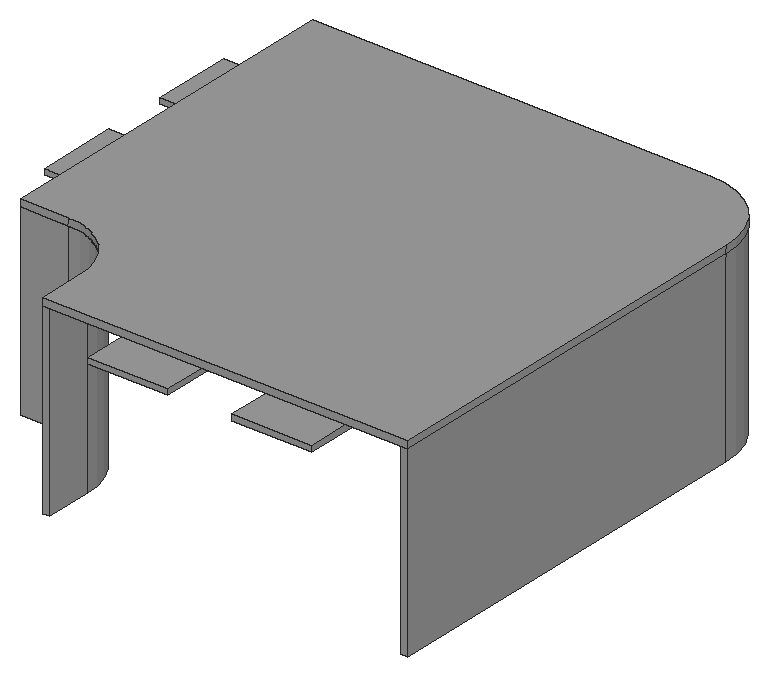
Revit family "Flachwinkelhaube WDK HF60110RW", category Generic Models, Revit 2017
Family settings
  Can host rebar = No
  Round Connector Dimension = Use Diameter
  Part Type = Normal
  Work Plane-Based = No
  Always vertical = Yes
  Cut with Voids When Loaded = No
  Shared = No
  Room Calculation Point = No
Parameters (values of type "WDK HF60110RW")
  Width = 110 mm
  URL = "http://www.obo-bettermann.com"
  Material = Polyvinylchlorid
  Manufacturer Art.No. = "6192939"
  Manufacturer = "OBO BETTERMANN"
  Height = 60 mm
  GTIN = "4012196712755"
  Article Type = "WDK HF60110RW"
Reference planes
  plane 1 "Center (Front/Back)": y = 0
  plane 2: z = 0
  plane 3 "Center (Left/Right)": x = 0
  plane 4: y = 149.4
  plane 5: x = 149.4
  plane 6: z = 62.7
  plane 7: z = 60.5
  plane 8: z = 31.2
  plane 9: z = 2.2
  plane 10: z = 58
  plane 11: y = 8.7
  plane 12: y = -10
  plane 13: x = 92.2
  plane 14: x = 82.2
  plane 15: x = 102.2
  plane 16: x = 127.2
  plane 17: through (0, 0, 1200) normal (-0.7071, 0.7071, 0)
Forms (mm)
  Extrusion 1, solid, material "Polyvinylchlorid" <- "Material"
    sketch origin (0, 0, 0) x (1, 0, 0) y (0, 1, 0)
      loop
        line (0, 149.4) -> (0, 35) -> (15, 35)
        arc (15, 35) -> (29.142, 29.142) -> (35, 15) r 20
        line (35, 15) -> (35, 0) -> (149.4, 0) -> (149.4, 124.4)
        arc (149.4, 124.4) -> (142.078, 142.078) -> (124.4, 149.4) r 25
        line (124.4, 149.4) -> (0, 149.4)
    from 60.5 to 62.7
  Extrusion 2, solid, material "Polyvinylchlorid" <- "Material"
    sketch origin (0, 0, 0) x (1, 0, 0) y (0, 1, 0)
      loop
        line (0, 149.4) -> (0, 147.2) -> (124.4, 147.2)
        arc (124.4, 147.2) -> (140.522, 140.522) -> (147.2, 124.4) r 22.8
        line (147.2, 124.4) -> (147.2, 0) -> (149.4, 0) -> (149.4, 124.4)
        arc (149.4, 124.4) -> (142.078, 142.078) -> (124.4, 149.4) r 25
        line (124.4, 149.4) -> (0, 149.4)
      loop
        line (0, 35) -> (15, 35)
        arc (15, 35) -> (29.142, 29.142) -> (35, 15) r 20
        line (35, 15) -> (35, 0) -> (37.2, 0) -> (37.2, 15)
        arc (37.2, 15) -> (30.698, 30.698) -> (15, 37.2) r 22.2
        line (15, 37.2) -> (0, 37.2) -> (0, 35)
    from 2.2 to 60.5
  Extrusion 3, solid, material "Polyvinylchlorid" <- "Material"
    sketch origin (0, 0, 0) x (0, 1, 0) y (0, 0, 1)
      loop
        line (8.7, 60.5) -> (7, 60.5) -> (7, 58) -> (-10, 58) -> (-10, 56.3) -> (8.7, 56.3) -> (8.7, 60.5)
    from 102.2 to 127.2
  Extrusion 4, solid, material "Polyvinylchlorid" <- "Material"
    sketch origin (184.4, 0, 0) x (0, 1, 0) y (0, 0, -1)
      loop
        line (8.7, -60.5) -> (8.7, -56.3) -> (-10, -56.3) -> (-10, -58) -> (7, -58) -> (7, -60.5) -> (8.7, -60.5)
    from 102.2 to 127.2
  Extrusion 5, solid, material "Polyvinylchlorid" <- "Material"
    sketch origin (0, 0, 0) x (1, 0, 0) y (0, 0, -1)
      loop
        line (8.7, -60.5) -> (8.7, -56.3) -> (-10, -56.3) -> (-10, -58) -> (7, -58) -> (7, -60.5) -> (8.7, -60.5)
    from 102.2 to 127.2
  Extrusion 6, solid, material "Polyvinylchlorid" <- "Material"
    sketch origin (0, 184.4, 0) x (1, 0, 0) y (0, 0, 1)
      loop
        line (8.7, 60.5) -> (7, 60.5) -> (7, 58) -> (-10, 58) -> (-10, 56.3) -> (8.7, 56.3) -> (8.7, 60.5)
    from 102.2 to 127.2
Dimensions and locks
  locked: Extrusion 1 sketch curve to Extrusion 1 sketch curve at 149.4  (x2)
  locked: plane 1 "Center (Front/Back)" to Extrusion 1 sketch curve at 35
  locked: plane 3 "Center (Left/Right)" to Extrusion 1 sketch curve at 35
  locked: plane 6 to level at 62.7
  locked: plane 6 to plane 7 at 2.2
  locked: Extrusion 1 to Extrusion 1 at 114.4  (x2)
  locked: plane 6 to plane 8 at 31.5
  locked: Extrusion 1 to Extrusion 2 sketch curve at 2.2  (x2)
  locked: Extrusion 2 sketch curve to Extrusion 1 at 2.2  (x2)
  locked: Extrusion 1 to Extrusion 1 at 149.4
  locked: plane 7 to plane 10 at 2.5
  locked: plane 11 to Extrusion 2 at 8.7
  locked: Extrusion 2 to Extrusion 3 sketch curve at 4.2
  locked: Extrusion 3 sketch curve to Extrusion 3 sketch curve at 18.7
  locked: Extrusion 3 sketch curve to Extrusion 3 sketch curve at 1.7  (x2)
  locked: Extrusion 2 to plane 13 at 55
  locked: plane 15 to plane 16 at 25
  locked: Extrusion 4 sketch curve to Extrusion 4 sketch curve at 18.7
  locked: Extrusion 4 sketch curve to Extrusion 4 sketch curve at 1.7  (x2)
  locked: Extrusion 5 sketch curve to Extrusion 5 sketch curve at 18.7
  locked: Extrusion 5 sketch curve to Extrusion 5 sketch curve at 1.7  (x2)
  locked: Extrusion 6 sketch curve to Extrusion 6 sketch curve at 18.7
  locked: Extrusion 6 sketch curve to Extrusion 6 sketch curve at 1.7  (x2)
  aligned and locked: level to plane 2
  aligned and locked: plane 1 "Center (Front/Back)" to Extrusion 1
  aligned and locked: Extrusion 1 to plane 3 "Center (Left/Right)"
  aligned and locked: plane 6 to Extrusion 1
  aligned and locked: Extrusion 1 to plane 7
  aligned and locked: Extrusion 2 sketch curve to Extrusion 1  (x2)
  aligned and locked: Extrusion 2 sketch curve to plane 1 "Center (Front/Back)"
  aligned and locked: Extrusion 2 sketch curve to plane 3 "Center (Left/Right)"
  aligned and locked: Extrusion 2 to plane 3 "Center (Left/Right)"  (x2)
  aligned and locked: plane 1 "Center (Front/Back)" to Extrusion 2  (x2)
  aligned and locked: Extrusion 2 to Extrusion 1
  aligned and locked: plane 11 to Extrusion 3 sketch curve
  aligned and locked: Extrusion 3 sketch curve to Extrusion 1
  aligned and locked: Extrusion 3 to Extrusion 1
  aligned and locked: Extrusion 3 to plane 15
  aligned and locked: plane 16 to Extrusion 3
Automatic sketch dimensions
  Extrusion 1 sketch curve to plane 3 "Center (Left/Right)" = 0 mm
  plane 17 to Extrusion 1 sketch curve = 0 mm
  plane 3 "Center (Left/Right)" to Extrusion 1 sketch curve = 15 mm
  Extrusion 1 sketch curve to plane 16 = 2.8 mm
  Extrusion 2 sketch curve to Extrusion 2 sketch curve = 0 mm  (x4)
  Extrusion 2 sketch curve to plane 11 = 6.3 mm
  Extrusion 2 sketch curve to Extrusion 2 sketch curve = 2.2 mm  (x2)
  Extrusion 2 sketch curve to plane 16 = 2.8 mm
  Extrusion 4 sketch curve to plane 10 = 0 mm
  Extrusion 4 sketch curve to plane 12 = 0 mm
  Extrusion 4 sketch curve to plane 7 = 0 mm
  Extrusion 5 sketch curve to plane 10 = 0 mm
  Extrusion 5 sketch curve to plane 7 = 0 mm
  Extrusion 5 sketch curve to plane 3 "Center (Left/Right)" = 10 mm
  Extrusion 6 sketch curve to plane 10 = 0 mm
  Extrusion 6 sketch curve to plane 7 = 0 mm
  Extrusion 6 sketch curve to plane 3 "Center (Left/Right)" = 10 mm
